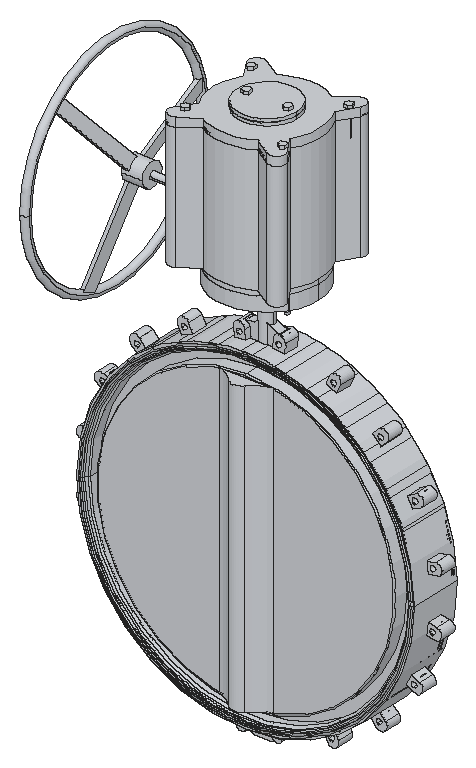
Revit family "R59FLX040", category Plumbing Fixtures, Revit 2015
Reference planes
  plane 1 "Center (Front/Back)": y = 0
  plane 2: z = 0
  plane 3 "Center (Left/Right)": x = 0
  plane 4: z = 400
  plane 5: z = 660
  plane 6: z = 187
  plane 7: z = -310
  plane 8: z = -30
  plane 9: z = 466.013
  plane 10: z = -30
  plane 11: y = -17.262
  plane 12: y = 17.262
  plane 13: x = -87.5
  plane 14: x = 87.5
  plane 15: z = 652
  plane 16: x = 226
  plane 17: y = -44.787
  plane 18: y = 43.213
  plane 19: z = 375
  plane 20: x = -266
  plane 21: z = 272
Forms (mm)
  Extrusion 1, solid
    sketch origin (0, 0, 382.391) x (1, 0, 0) y (0, 1, 0)
      loop
        circle (0, 0) r 87.5
    from -7.391 to 17.609
  Extrusion 2, solid
    sketch origin (0, 0, -76.95) x (1, 0, 0) y (0, 1, 0)
      loop
        circle (0, 0) r 12
    from 334.151 to 452.95
  Revolve 3, solid
    sketch origin (0, 0, 0) x (0, 1, 0) y (0, 0, 1)
      loop
        line (-20, -280.688) -> (20, -280.688) -> (20, -251.679) -> (41.486, -251.679)
        arc (41.486, -251.679) -> (42.707, -251.173) -> (43.213, -249.951) r 1.728
        line (43.213, -249.951) -> (43.213, 0) -> (-44.787, 0) -> (-44.787, -249.951)
        arc (-44.787, -249.951) -> (-44.281, -251.173) -> (-43.059, -251.679) r 1.728
        line (-43.059, -251.679) -> (-20, -251.679) -> (-20, -280.688)
      axis (43.213, 0) -> (-44.787, 0)
    angle from 0 to 360
  Extrusion 4, solid
    sketch origin (-24.881, 2.518, 221.916) x (0.933413, 0, -0.358805) y (0.358805, 0, 0.933413)
      loop
        line (-18.251, 60.114) -> (-25.459, 74.264)
        arc (-25.459, 74.264) -> (-38.908, 78.635) -> (-43.28, 65.186) r 10
        line (-43.28, 65.186) -> (-36.072, 51.036) -> (-18.251, 60.114)
      loop
        circle (-32.1, 65.269) r 5
    from -10.991 to 16.009
  Extrusion 5, solid
    sketch origin (18.896, -132.284, 409.391) x (-0.707107, -0.707107, 0) y (0.707107, -0.707107, 0)
      loop
        line (6.619, -122.207) -> (1.336, -117.615) -> (-5.283, -119.894) -> (-6.619, -126.765) -> (-1.336, -131.358) -> (5.283, -129.079) -> (6.619, -122.207)
    from 0 to 3.746
  Extrusion 6, solid
    sketch origin (18.896, -132.284, 388.391) x (-0.707107, -0.707107, 0) y (0.707107, -0.707107, 0)
      loop
        circle (0, -124.486) r 3
    from -20.186 to 21
  Extrusion 7, solid
    sketch origin (18.896, -132.284, 374) x (-0.707107, -0.707107, 0) y (0.707107, -0.707107, 0)
      loop
        line (3.99, -123.113) -> (0.805, -120.344) -> (-3.184, -121.718) -> (-3.99, -125.86) -> (-0.805, -128.628) -> (3.184, -127.254) -> (3.99, -123.113)
      loop
        line (-3.444, -125.672) -> (-0.695, -128.061) -> (2.749, -126.876) -> (3.444, -123.301) -> (0.695, -120.911) -> (-2.749, -122.097) -> (-3.444, -125.672)
    from -1.968 to 1
  Extrusion 8, solid
    sketch origin (49.205, -126.837, 523.966) x (-0.707107, -0.707107, 0) y (0.707107, -0.707107, 0)
      loop
        line (-76.155, -211.941) -> (-68.675, -247.132)
        arc (-68.675, -247.132) -> (-54.895, -258.291) -> (-41.114, -247.132) r 14.088
        line (-41.114, -247.132) -> (-33.634, -211.941)
        arc (-33.634, -211.941) -> (8.743, -188.129) -> (32.557, -145.753) r 90
        line (32.557, -145.753) -> (67.77, -138.268)
        arc (67.77, -138.268) -> (78.929, -124.488) -> (67.77, -110.708) r 14.088
        line (67.77, -110.708) -> (32.56, -103.223)
        arc (32.56, -103.223) -> (8.748, -60.841) -> (-33.632, -37.025) r 90
        line (-33.632, -37.025) -> (-41.114, -1.823)
        arc (-41.114, -1.823) -> (-54.895, 9.336) -> (-68.675, -1.823) r 14.088
        line (-68.675, -1.823) -> (-76.158, -37.025)
        arc (-76.158, -37.025) -> (-118.534, -60.838) -> (-142.347, -103.215) r 90
        line (-142.347, -103.215) -> (-177.549, -110.697)
        arc (-177.549, -110.697) -> (-188.708, -124.477) -> (-177.549, -138.258) r 14.088
        line (-177.549, -138.258) -> (-142.35, -145.74)
        arc (-142.35, -145.74) -> (-118.538, -188.124) -> (-76.155, -211.941) r 90
    from -114.575 to 101.703
  Sweep 9, solid
    path origin (0, 0, 0) x (1, 0, 0) y (0, 0, 1)
      loop
        circle (0, 0) r 286
    profile origin (0, 0, -286) x (0, 0, 1) y (0, -1, 0)
      loop
        line (0.625, -43.213) -> (3.952, -43.213)
        arc (3.952, -43.213) -> (4.966, -44.227) -> (5.98, -43.213) r 1.014
        line (5.98, -43.213) -> (7.253, -43.213)
        arc (7.253, -43.213) -> (8.267, -44.227) -> (9.28, -43.213) r 1.014
        line (9.28, -43.213) -> (10.888, -43.213) -> (12.517, -40.871) -> (13.454, -37.374) -> (16.683, -34.145) -> (16.683, 35.718) -> (13.454, 38.947) -> (12.517, 42.445) -> (10.888, 44.787) -> (9.28, 44.787)
        arc (9.28, 44.787) -> (8.267, 45.8) -> (7.253, 44.787) r 1.014
        line (7.253, 44.787) -> (5.98, 44.787)
        arc (5.98, 44.787) -> (4.966, 45.8) -> (3.952, 44.787) r 1.014
        line (3.952, 44.787) -> (0.625, 44.787) -> (0.625, -43.213)
  Extrusion 10, solid
    sketch origin (0, 0, 224.34) x (1, 0, 0) y (0, 0, 1)
      loop
        line (-20.256, 59.078) -> (20.256, 59.078) -> (31.678, 84.739)
        arc (31.678, 84.739) -> (12.774, 88.436) -> (0.632, 103.389) r 28.254
        arc (0.632, 103.389) -> (-12.113, 88.083) -> (-31.789, 84.989) r 28.254
        line (-31.789, 84.989) -> (-20.256, 59.078)
    from -7.881 to 9.454
  Sweep 11, solid
    path origin (-0.002, 0, 0) x (1, 0, 0) y (0, 0, 1)
      loop
        circle (0, 0) r 286
    profile origin (-0.002, 0, -286) x (0, 0, 1) y (0, -1, 0)
      loop
        line (0, 44.787) -> (0, -43.213) -> (3.927, -43.213) -> (3.927, 44.787) -> (0, 44.787)
  Extrusion 12, solid
    sketch origin (-19.594, 2.518, -222.445) x (-0.843784, 0, 0.536683) y (-0.536683, 0, -0.843784)
      loop
        line (-18.251, 60.114) -> (-25.459, 74.264)
        arc (-25.459, 74.264) -> (-38.908, 78.635) -> (-43.28, 65.186) r 10
        line (-43.28, 65.186) -> (-36.072, 51.036) -> (-18.251, 60.114)
      loop
        circle (-32.1, 65.269) r 5
    from -10.991 to 16.009
  Extrusion 13, solid
    sketch origin (-94.823, 2.518, 202.175) x (0.999197, 0, -0.040079) y (0.040079, 0, 0.999197)
      loop
        line (-18.251, 60.114) -> (-25.459, 74.264)
        arc (-25.459, 74.264) -> (-38.908, 78.635) -> (-43.28, 65.186) r 10
        line (-43.28, 65.186) -> (-36.072, 51.036) -> (-18.251, 60.114)
      loop
        circle (-32.1, 65.269) r 5
    from -10.991 to 16.009
  Extrusion 14, solid
    sketch origin (-154.721, 2.518, 161.02) x (0.959152, 0, 0.282892) y (-0.282892, 0, 0.959152)
      loop
        line (-18.251, 60.114) -> (-25.459, 74.264)
        arc (-25.459, 74.264) -> (-38.908, 78.635) -> (-43.28, 65.186) r 10
        line (-43.28, 65.186) -> (-36.072, 51.036) -> (-18.251, 60.114)
      loop
        circle (-32.1, 65.269) r 5
    from -10.991 to 16.009
  Extrusion 15, solid
    sketch origin (-198.232, 2.518, 102.811) x (0.817519, 0, 0.575901) y (-0.575901, 0, 0.817519)
      loop
        line (-18.251, 60.114) -> (-25.459, 74.264)
        arc (-25.459, 74.264) -> (-38.908, 78.635) -> (-43.28, 65.186) r 10
        line (-43.28, 65.186) -> (-36.072, 51.036) -> (-18.251, 60.114)
      loop
        circle (-32.1, 65.269) r 5
    from -10.991 to 16.009
  Extrusion 16, solid
    sketch origin (-220.747, 2.518, 33.713) x (0.589301, 0, 0.807914) y (-0.807914, 0, 0.589301)
      loop
        line (-18.251, 60.114) -> (-25.459, 74.264)
        arc (-25.459, 74.264) -> (-38.908, 78.635) -> (-43.28, 65.186) r 10
        line (-43.28, 65.186) -> (-36.072, 51.036) -> (-18.251, 60.114)
      loop
        circle (-32.1, 65.269) r 5
    from -10.991 to 16.009
  Extrusion 17, solid
    sketch origin (-219.882, 2.518, -38.956) x (0.298667, 0, 0.954357) y (-0.954357, 0, 0.298667)
      loop
        line (-18.251, 60.114) -> (-25.459, 74.264)
        arc (-25.459, 74.264) -> (-38.908, 78.635) -> (-43.28, 65.186) r 10
        line (-43.28, 65.186) -> (-36.072, 51.036) -> (-18.251, 60.114)
      loop
        circle (-32.1, 65.269) r 5
    from -10.991 to 16.009
  Extrusion 18, solid
    sketch origin (-195.729, 2.518, -107.498) x (-0.0236, 0, 0.999721) y (-0.999721, 0, -0.0236)
      loop
        line (-18.251, 60.114) -> (-25.459, 74.264)
        arc (-25.459, 74.264) -> (-38.908, 78.635) -> (-43.28, 65.186) r 10
        line (-43.28, 65.186) -> (-36.072, 51.036) -> (-18.251, 60.114)
      loop
        circle (-32.1, 65.269) r 5
    from -10.991 to 16.009
  Extrusion 19, solid
    sketch origin (-150.846, 2.518, -164.656) x (-0.343367, 0, 0.939201) y (-0.939201, 0, -0.343367)
      loop
        line (-18.251, 60.114) -> (-25.459, 74.264)
        arc (-25.459, 74.264) -> (-38.908, 78.635) -> (-43.28, 65.186) r 10
        line (-43.28, 65.186) -> (-36.072, 51.036) -> (-18.251, 60.114)
      loop
        circle (-32.1, 65.269) r 5
    from -10.991 to 16.009
  Extrusion 20, solid
    sketch origin (-89.985, 2.518, -204.373) x (-0.626767, 0, 0.779206) y (-0.779206, 0, -0.626767)
      loop
        line (-18.251, 60.114) -> (-25.459, 74.264)
        arc (-25.459, 74.264) -> (-38.908, 78.635) -> (-43.28, 65.186) r 10
        line (-43.28, 65.186) -> (-36.072, 51.036) -> (-18.251, 60.114)
      loop
        circle (-32.1, 65.269) r 5
    from -10.991 to 16.009
  Extrusion 21, solid
    sketch origin (0, 0, -222.777) x (1, 0, 0) y (0, 0, 1)
      loop
        line (-15.541, -59.525) -> (-27.45, -86.281)
        arc (-27.45, -86.281) -> (-19.91, -88.806) -> (-12.729, -92.221) r 65.798
        line (-12.729, -92.221) -> (12.729, -92.221)
        arc (12.729, -92.221) -> (19.999, -88.77) -> (27.636, -86.232) r 65.798
        line (27.636, -86.232) -> (15.749, -59.525) -> (-15.541, -59.525)
    from -7.881 to 9.454
  Extrusion 22, solid
    sketch origin (157.284, 43.896, 409.391) x (0.707107, -0.707107, 0) y (0.707107, 0.707107, 0)
      loop
        line (6.619, -122.207) -> (1.336, -117.615) -> (-5.283, -119.894) -> (-6.619, -126.765) -> (-1.336, -131.358) -> (5.283, -129.079) -> (6.619, -122.207)
    from 0 to 3.746
  Extrusion 23, solid
    sketch origin (157.284, 43.896, 388.391) x (0.707107, -0.707107, 0) y (0.707107, 0.707107, 0)
      loop
        circle (0, -124.486) r 3
    from -20.186 to 21
  Extrusion 24, solid
    sketch origin (157.284, 43.896, 374) x (0.707107, -0.707107, 0) y (0.707107, 0.707107, 0)
      loop
        line (3.99, -123.113) -> (0.805, -120.344) -> (-3.184, -121.718) -> (-3.99, -125.86) -> (-0.805, -128.628) -> (3.184, -127.254) -> (3.99, -123.113)
      loop
        line (-3.444, -125.672) -> (-0.695, -128.061) -> (2.749, -126.876) -> (3.444, -123.301) -> (0.695, -120.911) -> (-2.749, -122.097) -> (-3.444, -125.672)
    from -1.968 to 1
  Extrusion 25, solid
    sketch origin (-18.896, 132.284, 409.391) x (0.707107, 0.707107, 0) y (-0.707107, 0.707107, 0)
      loop
        line (6.619, -122.207) -> (1.336, -117.615) -> (-5.283, -119.894) -> (-6.619, -126.765) -> (-1.336, -131.358) -> (5.283, -129.079) -> (6.619, -122.207)
    from 0 to 3.746
  Extrusion 26, solid
    sketch origin (-18.896, 132.284, 388.391) x (0.707107, 0.707107, 0) y (-0.707107, 0.707107, 0)
      loop
        circle (0, -124.486) r 3
    from -20.186 to 21
  Extrusion 27, solid
    sketch origin (-18.896, 132.284, 374) x (0.707107, 0.707107, 0) y (-0.707107, 0.707107, 0)
      loop
        line (3.99, -123.113) -> (0.805, -120.344) -> (-3.184, -121.718) -> (-3.99, -125.86) -> (-0.805, -128.628) -> (3.184, -127.254) -> (3.99, -123.113)
      loop
        line (-3.444, -125.672) -> (-0.695, -128.061) -> (2.749, -126.876) -> (3.444, -123.301) -> (0.695, -120.911) -> (-2.749, -122.097) -> (-3.444, -125.672)
    from -1.968 to 1
  Extrusion 28, solid
    sketch origin (-157.284, -43.896, 409.391) x (-0.707107, 0.707107, 0) y (-0.707107, -0.707107, 0)
      loop
        line (6.619, -122.207) -> (1.336, -117.615) -> (-5.283, -119.894) -> (-6.619, -126.765) -> (-1.336, -131.358) -> (5.283, -129.079) -> (6.619, -122.207)
    from 0 to 3.746
  Extrusion 29, solid
    sketch origin (-157.284, -43.896, 388.391) x (-0.707107, 0.707107, 0) y (-0.707107, -0.707107, 0)
      loop
        circle (0, -124.486) r 3
    from -20.186 to 21
  Extrusion 30, solid
    sketch origin (-157.284, -43.896, 374) x (-0.707107, 0.707107, 0) y (-0.707107, -0.707107, 0)
      loop
        line (3.99, -123.113) -> (0.805, -120.344) -> (-3.184, -121.718) -> (-3.99, -125.86) -> (-0.805, -128.628) -> (3.184, -127.254) -> (3.99, -123.113)
      loop
        line (-3.444, -125.672) -> (-0.695, -128.061) -> (2.749, -126.876) -> (3.444, -123.301) -> (0.695, -120.911) -> (-2.749, -122.097) -> (-3.444, -125.672)
    from -1.968 to 1
  Extrusion 31, solid
    sketch origin (-5.763, 157.917, 636.616) x (0.707107, 0.707107, 0) y (-0.707107, 0.707107, 0)
      loop
        line (6.619, -122.207) -> (1.336, -117.615) -> (-5.283, -119.894) -> (-6.619, -126.765) -> (-1.336, -131.358) -> (5.283, -129.079) -> (6.619, -122.207)
    from 0 to 4.617
  Extrusion 32, solid
    sketch origin (-5.763, 157.917, 522.045) x (0.707107, 0.707107, 0) y (-0.707107, 0.707107, 0)
      loop
        circle (0, -124.486) r 3
    from 66.681 to 114.571
  Extrusion 33, solid
    sketch origin (170.417, 18.263, 636.616) x (0.707107, -0.707107, 0) y (0.707107, 0.707107, 0)
      loop
        line (6.619, -122.207) -> (1.336, -117.615) -> (-5.283, -119.894) -> (-6.619, -126.765) -> (-1.336, -131.358) -> (5.283, -129.079) -> (6.619, -122.207)
    from 0 to 4.617
  Extrusion 34, solid
    sketch origin (170.417, 18.263, 522.045) x (0.707107, -0.707107, 0) y (0.707107, 0.707107, 0)
      loop
        circle (0, -124.486) r 3
    from 66.681 to 114.571
  Extrusion 35, solid
    sketch origin (5.763, -157.917, 636.616) x (-0.707107, -0.707107, 0) y (0.707107, -0.707107, 0)
      loop
        line (6.619, -122.207) -> (1.336, -117.615) -> (-5.283, -119.894) -> (-6.619, -126.765) -> (-1.336, -131.358) -> (5.283, -129.079) -> (6.619, -122.207)
    from 0 to 4.617
  Extrusion 36, solid
    sketch origin (5.763, -157.917, 522.045) x (-0.707107, -0.707107, 0) y (0.707107, -0.707107, 0)
      loop
        circle (0, -124.486) r 3
    from 66.681 to 114.571
  Extrusion 37, solid
    sketch origin (-170.417, -18.263, 636.616) x (-0.707107, 0.707107, 0) y (-0.707107, -0.707107, 0)
      loop
        line (6.619, -122.207) -> (1.336, -117.615) -> (-5.283, -119.894) -> (-6.619, -126.765) -> (-1.336, -131.358) -> (5.283, -129.079) -> (6.619, -122.207)
    from 0 to 4.617
  Extrusion 38, solid
    sketch origin (-170.417, -18.263, 522.045) x (-0.707107, 0.707107, 0) y (-0.707107, -0.707107, 0)
      loop
        circle (0, -124.486) r 3
    from 66.681 to 114.571
  Extrusion 39, solid
    sketch origin (4.994, 0, 68.013) x (0, 1, 0) y (0, 0, -1)
      loop
        circle (0, -398) r 6
    from 74.348 to 199.367
  Sweep 40, solid
    path origin (-258.995, 0, 57.241) x (0, 1, 0) y (0, 0, -1)
      loop
        circle (0, -408.772) r 187
    profile origin (-258.995, 0, 653.013) x (0, 0, 1) y (-1, 0, 0)
      loop
        circle (0, 0) r 7
  Extrusion 41, solid
    sketch origin (-27.995, 0, 68.013) x (0, 1, 0) y (0, 0, -1)
      loop
        circle (0, -398) r 20
    from 166.378 to 201.654
  Extrusion 42, solid
    sketch origin (-16.226, -165.594, 308.635) x (0.996525, 0.083294, -0.000135) y (-0.05437, 0.64925, -0.758629)
      loop
        line (-182.932, 4.168) -> (-189.521, 6.043) -> (-239.457, -181.426) -> (-232.868, -183.3) -> (-182.932, 4.168)
    from 230.215 to 251.867
  Extrusion 43, solid
    sketch origin (-122.734, -88.025, 647.383) x (-0.707107, 0.707107, 0) y (-0.707107, -0.707107, 0)
      loop
        line (6.619, -122.207) -> (1.336, -117.615) -> (-5.283, -119.894) -> (-6.619, -126.765) -> (-1.336, -131.358) -> (5.283, -129.079) -> (6.619, -122.207)
    from 0 to 4.617
  Extrusion 44, solid
    sketch origin (-122.734, -88.025, 532.811) x (-0.707107, 0.707107, 0) y (-0.707107, -0.707107, 0)
      loop
        circle (0, -124.486) r 3
    from 66.681 to 114.571
  Extrusion 45, solid
    sketch origin (122.679, -51.499, 647.383) x (0.707107, -0.707107, 0) y (0.707107, 0.707107, 0)
      loop
        line (-96.38, -19.209) -> (-103.251, -20.545) -> (-105.53, -27.163) -> (-100.938, -32.446) -> (-94.066, -31.111) -> (-91.787, -24.492) -> (-96.38, -19.209)
    from 0 to 4.617
  Extrusion 46, solid
    sketch origin (-122.734, -88.025, 532.811) x (-0.707107, 0.707107, 0) y (-0.707107, -0.707107, 0)
      loop
        circle (-49.047, -173.533) r 3
    from 66.681 to 114.571
  Extrusion 47, solid
    sketch origin (0, 0, 635.256) x (1, 0, 0) y (0, 1, 0)
      loop
        circle (0, 0) r 50
    from 1.36 to 6.196
  Extrusion 48, solid
    sketch origin (0, 0, 642.383) x (1, 0, 0) y (0, 1, 0)
      loop
        circle (0, 0) r 50
    from 0.001 to 5
  Extrusion 49, solid
    sketch origin (0, 0, 637.888) x (1, 0, 0) y (0, 1, 0)
      loop
        circle (0, 0) r 43.203
    from 3.565 to 4.496
  Extrusion 50, solid
    sketch origin (-16.226, 220.055, 402.965) x (0.996525, -0.04153, 0.072203) y (-0.05437, 0.332367, 0.941582)
      loop
        line (-182.932, 4.168) -> (-189.521, 6.043) -> (-239.457, -181.426) -> (-232.868, -183.3) -> (-182.932, 4.168)
    from 230.215 to 251.867
  Extrusion 51, solid
    sketch origin (-16.226, -54.461, 689.782) x (0.996525, -0.041764, -0.072067) y (-0.05437, -0.981617, -0.182952)
      loop
        line (-182.932, 4.168) -> (-189.521, 6.043) -> (-239.457, -181.426) -> (-232.868, -183.3) -> (-182.932, 4.168)
    from 230.215 to 251.867
  Extrusion 52, solid
    sketch origin (0, 0, 407.391) x (1, 0, 0) y (0, 1, 0)
      loop
        circle (0, 0) r 87.5
    from -7.391 to 2
  Extrusion 53, solid
    sketch origin (49.205, -126.837, 740.245) x (-0.707107, -0.707107, 0) y (0.707107, -0.707107, 0)
      loop
        line (-76.155, -211.941) -> (-68.675, -247.132)
        arc (-68.675, -247.132) -> (-54.895, -258.291) -> (-41.114, -247.132) r 14.088
        line (-41.114, -247.132) -> (-33.634, -211.941)
        arc (-33.634, -211.941) -> (8.743, -188.129) -> (32.557, -145.753) r 90
        line (32.557, -145.753) -> (67.77, -138.268)
        arc (67.77, -138.268) -> (78.929, -124.488) -> (67.77, -110.708) r 14.088
        line (67.77, -110.708) -> (32.56, -103.223)
        arc (32.56, -103.223) -> (8.748, -60.841) -> (-33.632, -37.025) r 90
        line (-33.632, -37.025) -> (-41.114, -1.823)
        arc (-41.114, -1.823) -> (-54.895, 9.336) -> (-68.675, -1.823) r 14.088
        line (-68.675, -1.823) -> (-76.158, -37.025)
        arc (-76.158, -37.025) -> (-118.534, -60.838) -> (-142.347, -103.215) r 90
        line (-142.347, -103.215) -> (-177.549, -110.697)
        arc (-177.549, -110.697) -> (-188.708, -124.477) -> (-177.549, -138.258) r 14.088
        line (-177.549, -138.258) -> (-142.35, -145.74)
        arc (-142.35, -145.74) -> (-118.538, -188.124) -> (-76.155, -211.941) r 90
    from -103.629 to -117.861
  Extrusion 54, solid
    sketch origin (24.881, -2.518, 221.916) x (-0.933413, 0, -0.358805) y (-0.358805, 0, 0.933413)
      loop
        line (-18.251, 60.114) -> (-25.459, 74.264)
        arc (-25.459, 74.264) -> (-38.908, 78.635) -> (-43.28, 65.186) r 10
        line (-43.28, 65.186) -> (-36.072, 51.036) -> (-18.251, 60.114)
      loop
        circle (-32.1, 65.269) r 5
    from -10.991 to 16.009
  Extrusion 55, solid
    sketch origin (19.594, -2.518, -222.445) x (0.843784, 0, 0.536683) y (0.536683, 0, -0.843784)
      loop
        line (-18.251, 60.114) -> (-25.459, 74.264)
        arc (-25.459, 74.264) -> (-38.908, 78.635) -> (-43.28, 65.186) r 10
        line (-43.28, 65.186) -> (-36.072, 51.036) -> (-18.251, 60.114)
      loop
        circle (-32.1, 65.269) r 5
    from -10.991 to 16.009
  Extrusion 56, solid
    sketch origin (94.823, -2.518, 202.175) x (-0.999197, 0, -0.040079) y (-0.040079, 0, 0.999197)
      loop
        line (-18.251, 60.114) -> (-25.459, 74.264)
        arc (-25.459, 74.264) -> (-38.908, 78.635) -> (-43.28, 65.186) r 10
        line (-43.28, 65.186) -> (-36.072, 51.036) -> (-18.251, 60.114)
      loop
        circle (-32.1, 65.269) r 5
    from -10.991 to 16.009
  Extrusion 57, solid
    sketch origin (154.721, -2.518, 161.02) x (-0.959152, 0, 0.282892) y (0.282892, 0, 0.959152)
      loop
        line (-18.251, 60.114) -> (-25.459, 74.264)
        arc (-25.459, 74.264) -> (-38.908, 78.635) -> (-43.28, 65.186) r 10
        line (-43.28, 65.186) -> (-36.072, 51.036) -> (-18.251, 60.114)
      loop
        circle (-32.1, 65.269) r 5
    from -10.991 to 16.009
  Extrusion 58, solid
    sketch origin (198.232, -2.518, 102.811) x (-0.817519, 0, 0.575901) y (0.575901, 0, 0.817519)
      loop
        line (-18.251, 60.114) -> (-25.459, 74.264)
        arc (-25.459, 74.264) -> (-38.908, 78.635) -> (-43.28, 65.186) r 10
        line (-43.28, 65.186) -> (-36.072, 51.036) -> (-18.251, 60.114)
      loop
        circle (-32.1, 65.269) r 5
    from -10.991 to 16.009
  Extrusion 59, solid
    sketch origin (220.747, -2.518, 33.713) x (-0.589301, 0, 0.807914) y (0.807914, 0, 0.589301)
      loop
        line (-18.251, 60.114) -> (-25.459, 74.264)
        arc (-25.459, 74.264) -> (-38.908, 78.635) -> (-43.28, 65.186) r 10
        line (-43.28, 65.186) -> (-36.072, 51.036) -> (-18.251, 60.114)
      loop
        circle (-32.1, 65.269) r 5
    from -10.991 to 16.009
  Extrusion 60, solid
    sketch origin (219.882, -2.518, -38.956) x (-0.298667, 0, 0.954357) y (0.954357, 0, 0.298667)
      loop
        line (-18.251, 60.114) -> (-25.459, 74.264)
        arc (-25.459, 74.264) -> (-38.908, 78.635) -> (-43.28, 65.186) r 10
        line (-43.28, 65.186) -> (-36.072, 51.036) -> (-18.251, 60.114)
      loop
        circle (-32.1, 65.269) r 5
    from -10.991 to 16.009
  Extrusion 61, solid
    sketch origin (195.729, -2.518, -107.498) x (0.0236, 0, 0.999721) y (0.999721, 0, -0.0236)
      loop
        line (-18.251, 60.114) -> (-25.459, 74.264)
        arc (-25.459, 74.264) -> (-38.908, 78.635) -> (-43.28, 65.186) r 10
        line (-43.28, 65.186) -> (-36.072, 51.036) -> (-18.251, 60.114)
      loop
        circle (-32.1, 65.269) r 5
    from -10.991 to 16.009
  Extrusion 62, solid
    sketch origin (150.846, -2.518, -164.656) x (0.343367, 0, 0.939201) y (0.939201, 0, -0.343367)
      loop
        line (-18.251, 60.114) -> (-25.459, 74.264)
        arc (-25.459, 74.264) -> (-38.908, 78.635) -> (-43.28, 65.186) r 10
        line (-43.28, 65.186) -> (-36.072, 51.036) -> (-18.251, 60.114)
      loop
        circle (-32.1, 65.269) r 5
    from -10.991 to 16.009
  Extrusion 63, solid
    sketch origin (89.985, -2.518, -204.373) x (0.626767, 0, 0.779206) y (0.779206, 0, -0.626767)
      loop
        line (-18.251, 60.114) -> (-25.459, 74.264)
        arc (-25.459, 74.264) -> (-38.908, 78.635) -> (-43.28, 65.186) r 10
        line (-43.28, 65.186) -> (-36.072, 51.036) -> (-18.251, 60.114)
      loop
        circle (-32.1, 65.269) r 5
    from -10.991 to 16.009
  Extrusion 64, solid
    sketch origin (0, -18.373, 0) x (1, 0, 0) y (0, 1, 0)
      loop
        arc (-45.752, -26.413) -> (-28.242, -32.561) -> (-14.1, -44.579) r 50.889
        arc (-14.1, -44.579) -> (-0.248, -51.523) -> (13.756, -44.892) r 17.686
        arc (13.756, -44.892) -> (27.976, -32.661) -> (45.661, -26.413) r 50.889
        line (45.661, -26.413) -> (-45.752, -26.413)
    from -246.56 to 246.641
  Extrusion 65, solid
    sketch origin (0, 18.373, 0) x (1, 0, 0) y (0, 1, 0)
      loop
        line (-45.752, 26.413) -> (45.661, 26.413)
        arc (45.661, 26.413) -> (27.976, 32.661) -> (13.756, 44.892) r 50.889
        arc (13.756, 44.892) -> (-0.248, 51.523) -> (-14.1, 44.579) r 17.686
        arc (-14.1, 44.579) -> (-28.242, 32.561) -> (-45.752, 26.413) r 50.889
    from -246.56 to 246.641
Dimensions and locks
  locked: plane 2 to plane 4 at 400
  locked: level to plane 5 at 660
  locked: plane 7 to level at 310
  locked: plane 18 to plane 17 at 88
  plane 19 to plane 4 = 25 mm
  plane 16 to plane 3 "Center (Left/Right)" = 226 mm
  locked: plane 13 to plane 14 at 175
  locked: plane 4 to plane 15 at 252
  locked: plane 3 "Center (Left/Right)" to plane 20 at 266
  locked: plane 21 to plane 5 at 388
  aligned and locked: level to plane 2
